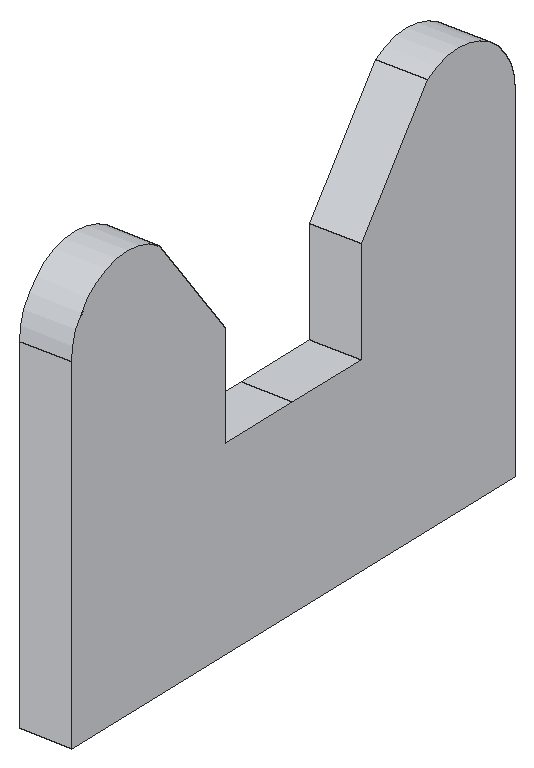
Revit family "abc_Face", category Generic Models, host Face, Revit 2018
Family settings
  Host = Face
  Can host rebar = No
  Round Connector Dimension = Use Diameter
  Part Type = Normal
  Cut with Voids When Loaded = No
  Shared = No
  Room Calculation Point = No
Parameters
  Default Elevation = 1219.2 mm
Reference planes
  plane 1 "Center (Front/Back)": y = 0
  plane 2: z = 0
  plane 3 "Center (Left/Right)": x = 0
Dimensions and locks
  aligned and locked: plane 2 to host face
  aligned and locked: level to host face
Nested families
  nested 1: "abc" at (3.75, -29.966, 0), type "abc"
Definition of nested family "abc"
  Reference planes
    plane 1 "Center (Front/Back)": y = 0
    plane 2: z = 0
    plane 3 "Center (Left/Right)": x = 0
    plane 4: y = 60
    plane 5: x = 40
    plane 6: x = -40
  Forms (mm)
    Extrusion 1, solid
      sketch origin (0, 29.966, 0) x (0, -1, 0) y (0, 0, 1)
        loop
          line (-40, 0) -> (40, 0) -> (40, 50)
          arc (40, 50) -> (34.669, 58.843) -> (24.361, 58.258) r 10
          line (24.361, 58.258) -> (12.322, 42.322) -> (12.322, 27.322) -> (0, 27.322) -> (-12.322, 27.322) -> (-12.322, 42.322) -> (-24.361, 58.258)
          arc (-24.361, 58.258) -> (-34.669, 58.843) -> (-40, 50) r 10
          line (-40, 50) -> (-40, 0)
      from 0 to 7.5
  Dimensions and locks
    aligned and locked: level to plane 2
